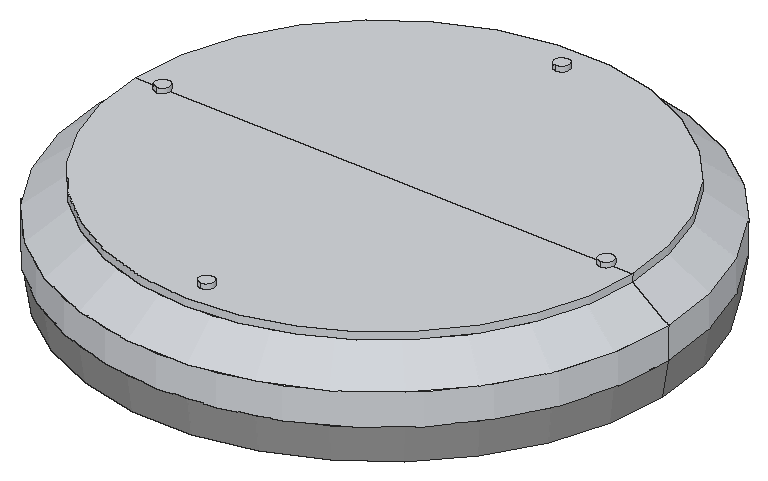
Revit family "A35-S400 BL 2200 HF 830_Unhosted", category Lighting Fixtures, Revit 2016
Family settings
  Part Type = Normal
  Round Connector Dimension = Use Diameter
  OmniClass Number = 23.80.70.00
  OmniClass Title = Lighting
  Work Plane-Based = No
  Always vertical = Yes
  Cut with Voids When Loaded = No
  Light Source = Yes
  Shared = No
  Room Calculation Point = No
Parameters
  Wiring Accessories = ""
  Wattage Comments = ""
  Wattage = 20 W
  VoltageMax = 240 V
  built-in parameter 1150110 = 1 (stored number, unit not read)
  Voltage = 220 V
  UpdateDate = "25.01.2021 10:33:26"
  URL UK = "http://glamox.com/uk/products/A35-S"
  URL Sweden = "http://glamox.com/se/produkter/A35-S/items/A35539502"
  URL Russia = "http://glamox.com/ru/products/A35-S"
  URL Other = "http://glamox.com/gsx/products/A35-S"
  URL Norway = "http://glamox.com/no/produkter/A35-S/items/A35539502"
  URL Ireland = "http://glamox.com/ie/products/A35-S"
  URL Germany = "http://glamox.com/de/products/A35-S/items/A35539502"
  URL Finland = "http://glamox.com/fi/products/A35-S"
  URL Estonia = "http://glamox.com/ee/products/A35-S"
  URL Denmark = "http://glamox.com/dk/produkter/A35-S/items/A35539502"
  URL = ""
  TypeOfEmergency = ""
  TypeOfBallast = "HF = High frequency"
  TotalWattage = 20 W
  Total Load = 20 W
  built-in parameter 1114217 = 1 (stored number, unit not read)
  Termination = "5x2x2,5 PI"
  Specification = "False"
  Remark = ""
  RatedVoltage = 220 V
  PowerFactor = 98.00%
  Plug Type = ""
  Optic = "OP"
  NominalFrequencyRange = 50 Hz
  ModelReference = "A35-S"
  ModelLabel = "A35-S400 BL 2200 HF 830"
  Maximum TA = 25
  MaintenanceFactor = 0
  MFArtNo = "A35539502"
  LightFixturePlacingType = "CEILING"
  LightFixtureMountingType = "SURFACE"
  LampBase = ""
  Lamp Wattage Comments = ""
  IP_Code = "54"
  IPClass = "54"
  IK_Code = ""
  IFC Classification = "Light Fixture"
  GlobalTradeItemNumber = "4741145395021"
  Glamox Mounting = "Surface"
  Glamox Family = "A35-S"
  Glamox Category = "Architectural"
  FrequencyMax = 60 Hz
  Frequency = 50 Hz
  Expired = "0"
  ELNo Norway = ""
  ELNo Finland = ""
  EANNo = "4741145395021"
  DurationInBatteryMode = ""
  Distance2 = Radius * 0.78  # 156 mm
  Tilt Angle = 90.00°
  built-in parameter 1150109 = 1 (stored number, unit not read)
  built-in parameter 1150134 = (empty or 0)
  built-in parameter 1150113 = 1 (stored number, unit not read)
  Power Factor = 0.98
  Photometric Web File = "A35-S400-2200-830.ies"
  Number of Poles = 1
  LumDiameter = Diameter  # 400 mm
  Load Classification [instance] = Lighting
  Model = ""
  Manufacturer = "Glamox"
  Lumens = 2154 lm
  built-in parameter 1150115 = 1 (stored number, unit not read)
  built-in parameter 1150105 = 171.41 (stored number, unit not read)
  built-in parameter 1150137 = (empty or 0)
  built-in parameter 1150139 = (empty or 0)
  built-in parameter 1150112 = 1 (stored number, unit not read)
  built-in parameter 1150114 = 1 (stored number, unit not read)
  Lamp = "LED"
  built-in parameter 1150132 = 2
  built-in parameter 1150102 = (empty or 0)
  built-in parameter 1150138 = (empty or 0)
  built-in parameter 1150107 = 3000 (stored number, unit not read)
  built-in parameter 1150106 = 1.7141 (stored number, unit not read)
  Height = 85 mm
  Emit from Circle Diameter = LumDiameter  # 400 mm
  Emit Shape Visible in Rendering = yes
  built-in parameter 1150104 = 10.006 (stored number, unit not read)
  Dimming Lamp Color Temperature Shift = Incandescent Lamp Curve
  Diameter = 400 mm
  Description = "A35-S400 BL 2200 HF 830"
  Cut Out = ""
  Completion = ""
  Color Filter = 16777215
  Radius = Diameter / 2  # 200 mm
  Body Material and Colour = Default
  built-in parameter 1114218 = 1 (stored number, unit not read)
  built-in parameter 1150133 = 10 (stored number, unit not read)
  Assembly Code = ""
  ArticleNumber = "A35539502"
  Apparent Load = Total Load / Power Factor  # 20.4082 VA
  #Ballast = 1
Reference planes
  plane 1 "Light Source Axis (F/B)": y = 292.909
  plane 2: z = 0
  plane 3 "Light Source Axis (L/R)": x = 0
  plane 4 "Light Source Elevation": z = -85
  plane 5: x = -196
  plane 6: z = -27
  plane 7: z = -8
  plane 8: x = -175
  plane 9: z = -3
  plane 10: y = -17.699
  plane 11: x = -200
  plane 12: z = -73
  plane 13: z = -49
  plane 14: y = 448.909
  plane 15: x = 156
  plane 16: y = 136.909
  plane 17: x = -156
Forms (mm)
  Extrusion 1, solid, not visible
    sketch origin (0, 0, 0) x (1, 0, 0) y (0, 1, 0)
      loop
        circle (67.5, 0) r 8
      loop
        circle (-33.75, 58.457) r 8
      loop
        circle (-33.75, -58.457) r 8
    from 0 to 2
  Revolve 2, solid, not visible
    sketch origin (0, 0, 0) x (1, 0, 0) y (0, 0, 1)
      loop
        line (-87.5, 2) -> (0, 2) -> (0, 30) -> (-107.5, 30)
        arc (-107.5, 30) -> (-102.36, 12.528) -> (-87.5, 2) r 27.766
      axis (0, 30) -> (0, 2)
    angle from 0 to 360
  Revolve 3, solid, not visible
    sketch origin (0, 0, 0) x (1, 0, 0) y (0, 0, 1)
      loop
        line (-107.5, 30) -> (0, 30) -> (0, 68)
        arc (0, 68) -> (-49.739, 64.357) -> (-97.5, 50) r 228.307
        arc (-97.5, 50) -> (-104.657, 41.079) -> (-107.5, 30) r 27.118
      axis (0, 68) -> (0, 30)
    angle from 0 to 360
  Revolve 4, solid
    sketch origin (0, 292.909, 0) x (1, 0, 0) y (0, 0, 1)
      loop
        line (0, -85) -> (0, -3) -> (-175, -3) -> (-175, -8) -> (-200, -27) -> (-200, -49) -> (-196, -73)
        arc (-196, -73) -> (-98.197, -82.222) -> (0, -85) r 1494.848
      axis (0, -3) -> (0, -85)
    angle from 0 to 360
  Extrusion 5, solid
    sketch origin (0, 0, -85) x (0, -1, 0) y (1, 0, 0)
      loop
        circle (-448.909, 0) r 5
      loop
        circle (-292.909, 156) r 5
      loop
        circle (-136.909, 0) r 5
      loop
        circle (-292.909, -156) r 5
    from 82 to 85
Lines and regions (mm)
  symbolic lines
    curve 1: arc (-200, 292.909, -85) -> (0, 492.909, -85) -> (200, 292.909, -85) r 200
    curve 2: arc (200, 292.909, -85) -> (0, 92.909, -85) -> (-200, 292.909, -85) r 200
    curve 3: line (0, 292.909, -85) -> (141.421, 434.331, -85)
    curve 4: line (0, 292.909, -85) -> (141.421, 151.488, -85)
    curve 5: line (0, 292.909, -85) -> (-141.421, 151.488, -85)
    curve 6: line (0, 292.909, -85) -> (-141.421, 434.331, -85)
Dimensions and locks
  "Radius": plane 3 "Light Source Axis (L/R)" to plane 11
  locked: plane 5 to plane 11 at 4
  locked: plane 8 to plane 11 at 25
  locked: plane 2 to plane 9 at 3
  locked: plane 9 to plane 7 at 5
  locked: plane 9 to plane 6 at 24
  locked: plane 6 to plane 13 at 22
  locked: plane 13 to plane 12 at 24
  "Height": plane 2 to plane 4 "Light Source Elevation"
  equal spacing: plane 14, plane 1 "Light Source Axis (F/B)", plane 16
  equal spacing: plane 17, plane 3 "Light Source Axis (L/R)", plane 15
  "Distance2": plane 1 "Light Source Axis (F/B)" to plane 14
  "Distance2": plane 3 "Light Source Axis (L/R)" to plane 15
  locked: plane 1 "Light Source Axis (F/B)" to curve 3 (angle 45.00°)
  locked: curve 4 to plane 1 "Light Source Axis (F/B)" (angle 45.00°)
  locked: curve 5 to curve 4 (angle 90.00°)
  locked: curve 3 to curve 6 (angle 90.00°)
  aligned and locked: plane 1 "Light Source Axis (F/B)" to imposter light
  aligned and locked: plane 4 "Light Source Elevation" to imposter light
  aligned and locked: Revolve 4 sketch curve to plane 9
  aligned and locked: plane 3 "Light Source Axis (L/R)" to Revolve 4 sketch curve
  aligned and locked: Revolve 4 sketch curve to plane 11
  aligned and locked: Revolve 4 sketch curve to plane 8
  aligned and locked: plane 6 to Revolve 4 sketch curve
  aligned and locked: plane 13 to Revolve 4 sketch curve
  aligned and locked: plane 12 to Revolve 4 sketch curve
  aligned and locked: plane 4 "Light Source Elevation" to Revolve 4 sketch curve
  aligned and locked: Revolve 4 sketch curve to plane 3 "Light Source Axis (L/R)"
  aligned and locked: plane 9 to Extrusion 5
  aligned and locked: plane 2 to Extrusion 5
  aligned and locked: curve 1 to Revolve 4
  aligned and locked: curve 2 to Revolve 4
Automatic sketch dimensions
  Revolve 4 sketch curve to plane 5 = 0 mm
  Revolve 4 sketch curve to plane 7 = 0 mm
  Revolve 4 sketch curve to plane 3 "Light Source Axis (L/R)" = 6.847 mm
  Revolve 4 sketch curve to Revolve 4 sketch curve = 190.696 mm
  Revolve 4 sketch curve to Revolve 4 sketch curve = 740.025 mm
  Extrusion 5 sketch curve to plane 3 "Light Source Axis (L/R)" = 0 mm  (x2)
  Extrusion 5 sketch curve to plane 14 = 0 mm
  plane 1 "Light Source Axis (F/B)" to Extrusion 5 sketch curve = 0 mm  (x2)
  plane 16 to Extrusion 5 sketch curve = 0 mm
  Extrusion 5 sketch curve to plane 17 = 0 mm
  Extrusion 5 sketch curve to plane 15 = 0 mm
  plane 1 "Light Source Axis (F/B)" to curve 3 = 0 mm
  curve 6 to plane 3 "Light Source Axis (L/R)" = 0 mm
  radius of Extrusion 5 sketch curve = 5 mm  (x4)
Connectors
  electrical at (0, 292.909, -3), driven by "Load Classification", driven by "Voltage", driven by "Apparent Load", driven by "Power Factor"
    settings: on Revolve 4, index 1, voltage 220 V, apparent load 0 VA, apparent load phase1 20.4082 VA, apparent load phase2 0 VA, apparent load phase3 0 VA, power factor 0.98, load classification "Lighting", number of poles 1, system type 31, power factor state 1, is connector primary yes, connector utility no, sub classification motor no, connector description ""
